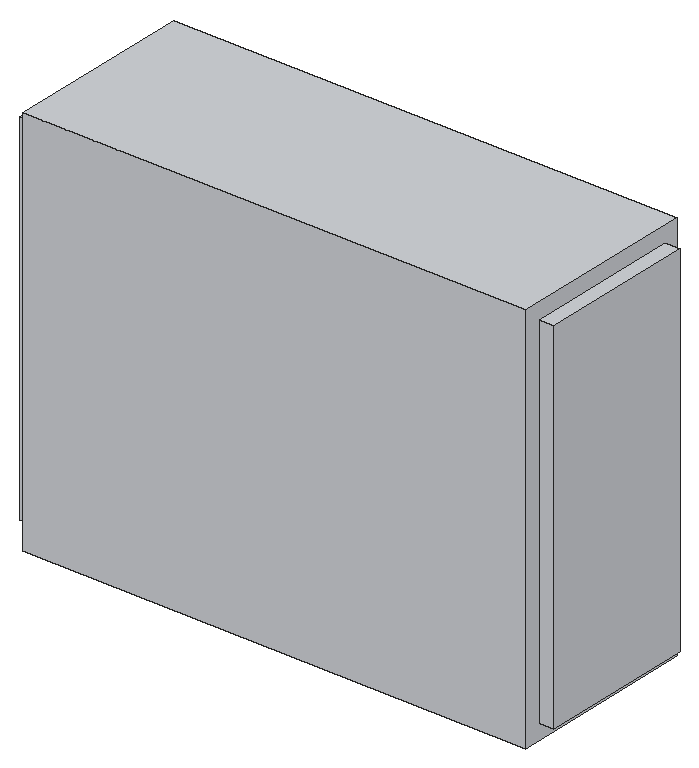
Revit family "c61098ec91c84b9faf8d51391af294aa", category Mechanical Equipment, Revit 2021
Family settings
  Round Connector Dimension = Use Diameter
  Part Type = Normal
  OmniClass Number = 23.75.35.14
  OmniClass Title = Air Handling Units
  Seek Item ID = AHU Inspection Module - Small-0000-USA-ENU
  Work Plane-Based = No
  Always vertical = Yes
  Cut with Voids When Loaded = No
  Shared = No
  Room Calculation Point = No
Parameters (values of type "For 3 Square Feet of Coil")
  Module Material = none
  Inspection Width = 1' - 0"
  Inspection Length = 2' - 8"
  Inspection Height = 2' - 1"
  Duct Width = 32"
  Duct Height = 25"
  Door Width = 0' - 10"
  Default Elevation = 0' - 0"
  Air Flow [instance] = 1500 CFM
Types (17): name | Inspection Width | Inspection Length | Inspection Height | Duct Width | Duct Height | Door Width | Air Flow
  (no name) | 1' - 0" | 2' - 8" | 2' - 1" | 32" | 25" | 0' - 10" | 1500 CFM
  For 3 Square Feet of Coil | 1' - 0" | 2' - 8" | 2' - 1" | 32" | 25" | 0' - 10" | 1500 CFM
  For 6 Square Feet of Coil | 1' - 0" | 3' - 8" | 2' - 4" | 44" | 28" | 0' - 10" | 3000 CFM
  For 8 Square Feet of Coil | 1' - 0" | 4' - 0" | 2' - 8" | 48" | 32" | 0' - 10" | 4000 CFM
  For 10 Square Feet of Coil | 1' - 0" | 5' - 0" | 2' - 10" | 60" | 34" | 0' - 10" | 5000 CFM
  For 12 Square Feet of Coil | 1' - 0" | 5' - 4" | 3' - 2" | 64" | 38" | 0' - 10" | 6000 CFM
  For 14 Square Feet of Coil | 1' - 0" | 5' - 8" | 3' - 4" | 68" | 40" | 0' - 10" | 7000 CFM
  For 17 Square Feet of Coil | 1' - 0" | 6' - 2" | 3' - 8" | 74" | 44" | 0' - 10" | 8500 CFM
  For 21 Square Feet of Coil | 1' - 0" | 6' - 4" | 4' - 2" | 76" | 50" | 0' - 10" | 10500 CFM
  For 25 Square Feet of Coil | 1' - 0" | 6' - 6" | 4' - 8" | 78" | 56" | 0' - 10" | 12500 CFM
  For 30 Square Feet of Coil | 1' - 0" | 7' - 8" | 4' - 8" | 92" | 56" | 0' - 10" | 15000 CFM
  For 35 Square Feet of Coil | 1' - 0" | 8' - 0" | 5' - 2" | 96" | 62" | 0' - 10" | 17500 CFM
  For 40 Square Feet of Coil | 1' - 0" | 9' - 2" | 5' - 2" | 110" | 62" | 0' - 10" | 20000 CFM
  For 50 Square Feet of Coil | 1' - 4" | 10' - 0" | 6' - 2" | 120" | 74" | 1' - 2" | 25000 CFM
  For 66 Square Feet of Coil | 1' - 4" | 11' - 6" | 7' - 8" | 138" | 92" | 1' - 2" | 33000 CFM
  For 80 Square Feet of Coil | 1' - 4" | 11' - 6" | 9' - 2" | 138" | 110" | 1' - 2" | 40000 CFM
  For 100 Square Feet of Coil | 1' - 4" | 12' - 8" | 10' - 0" | 152" | 120" | 1' - 2" | 50000 CFM
Reference planes (in)
  plane 1 "Center (Front/Back)": y = 0
  plane 2: z = 0
  plane 3 "Center (Left/Right)": x = 0
  plane 4: x = 16
  plane 5: x = -16
  plane 6: y = 12
  plane 7: z = 25
  plane 8: x = -17
  plane 9: x = 17
  plane 10: z = 24
  plane 11: y = 11
  plane 12: z = 1
  plane 13: y = 1
Forms (in)
  Extrusion 1, solid, material <- "Module Material", detail levels medium+fine
    sketch origin (0, 0, 0) x (1, 0, 0) y (0, 1, 0)
      loop
        line (-16, 12) -> (-16, 0) -> (16, 0) -> (16, 12) -> (-16, 12)
    from 0 to 25
  Extrusion 2, solid, material <- "Module Material", detail levels medium+fine
    sketch origin (0, 0, 0) x (0, 1, 0) y (0, 0, 1)
      loop
        line (1, 24) -> (1, 1) -> (11, 1) -> (11, 24) -> (1, 24)
    from -17 to 17
  Extrusion 3, solid, material <- "Module Material", detail levels coarse
    sketch origin (0, 0, 0) x (1, 0, 0) y (0, 1, 0)
      loop
        line (-17, 12) -> (-17, 0) -> (17, 0) -> (17, 12) -> (-17, 12)
    from 0 to 25
Dimensions and locks (in)
  equal spacing: plane 5, plane 3 "Center (Left/Right)", plane 4
  "Inspection Length": plane 5 to plane 4
  "Inspection Width": plane 1 "Center (Front/Back)" to plane 6
  "Inspection Height": plane 7 to plane 2
  locked: plane 8 to plane 5 at 1
  locked: plane 4 to plane 9 at 1
  locked: plane 12 to plane 2 at 1
  locked: plane 7 to plane 10 at 1
  locked: plane 11 to plane 6 at 1
  "Door Width": plane 13 to plane 11
  aligned and locked: plane 5 to Extrusion 1 sketch curve
  aligned and locked: plane 6 to Extrusion 1 sketch curve
  aligned and locked: plane 1 "Center (Front/Back)" to Extrusion 1 sketch curve
  aligned and locked: Extrusion 1 sketch curve to plane 4
  aligned and locked: Extrusion 1 to plane 2
  aligned and locked: plane 7 to Extrusion 1
  aligned and locked: plane 13 to Extrusion 2 sketch curve
  aligned and locked: Extrusion 2 sketch curve to plane 10
  aligned and locked: plane 12 to Extrusion 2 sketch curve
  aligned and locked: plane 11 to Extrusion 2 sketch curve
  aligned and locked: plane 9 to Extrusion 2
  aligned and locked: plane 8 to Extrusion 2
  aligned and locked: plane 8 to Extrusion 3 sketch curve
  aligned and locked: plane 6 to Extrusion 3 sketch curve
  aligned and locked: plane 1 "Center (Front/Back)" to Extrusion 3 sketch curve
  aligned and locked: Extrusion 3 sketch curve to plane 9
  aligned and locked: Extrusion 3 to plane 2
  aligned and locked: plane 7 to Extrusion 3
Connectors (in)
  hvac at (0, 0, 12.5), driven by "Duct Height", driven by "Duct Width", driven by "Air Flow"
    settings: on Extrusion 1, index 1, duct flow 1500 CFM, flow factor 0, pres drop 0.00 in-wg, loss coef 0, conn angle 0.00°, conn width 32", conn height 25", conn diameter 24", duct sys type 1, conn prof type 1, flow config 0, flow direction 0, loss method 0, conn ref index 2, conn util no, is conn primary yes, conn desc ""
  hvac at (0, 12, 12.5), driven by "Duct Height", driven by "Duct Width", driven by "Air Flow"
    settings: on Extrusion 1, index 2, duct flow 1500 CFM, flow factor 0, pres drop 0.00 in-wg, loss coef 0, conn angle 0.00°, conn width 32", conn height 25", conn diameter 24", duct sys type 1, conn prof type 1, flow config 0, flow direction 0, loss method 0, conn ref index 1, conn util no, is conn primary no, conn desc ""
